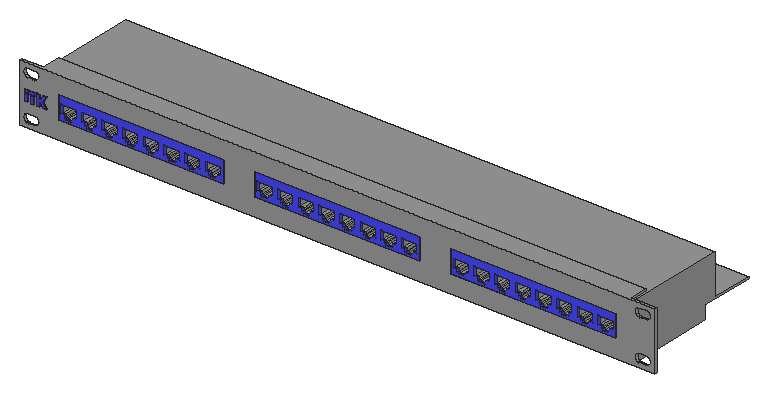
Revit family "ITK_Патч-панель 19-дюймовое крепление_1U_категория 5E STP_24 порта", category Обобщенные модели, Revit 2019
Family settings
  Может служить основой для арматурных стержней = Нет
  Размер круглого соединителя = Использовать диаметр
  Тип детали = Нормальный
  На основе рабочей плоскости = Нет
  Всегда вертикально = Да
  При загрузке вырезать с полостями = Нет
  Общий = Нет
  Точка расчета площади = Нет
Parameters (values of type "PP24-1UC5ES-D05")
  Ширина = 482.6 mm
  Материал = Окраска - RAL 9005
  Изготовитель = "ITK"  # constant formula
  Дата изменения = ""
  Глубина = 111 mm
  Высота = 44 mm
  URL = "https://www.iek.ru/"
  KSI_CPr_Строительные изделия = "27.12.31.61.1.04.09-1090"  # constant formula
  KSI_CMa_Строительные материалы = "10.03.02.06"  # constant formula
  IEK_Цена за единицу = 4743.05
  IEK_Поиск в таблице имен = ""
  IEK_Описание = "Патч-панели для монтажа в 19\" шкаф или стойку соответствуют стандарту 19\" (482,6 мм), имеют отверстия с левой и правой стороны для крепления на профиль, производятся высотой 1 или 2 юнита.\r\nНа передней стороне все патч-панели ITK имеют специальную площадку для дополнительной маркировки и цифровую нумерацию портов, на обратной стороне модули IDC имеют цветовую и цифровую нумерацию. Патч-панели соответствуют международным стандартам. Поставляются в картонной коробке с крепежом."
  IEK_URL = "https://www.itk-group.ru/produktsiya/catalog/oborudovanie_telekommunikatsionnoe/komponenty_sks_mednye/patch_paneli/patch_paneli_kat_5e/patch_paneli_kat_5e_ekranirovannye/itk_1u_patch_panel_kat_5e_stp_24_porta_dual_s_kabelnym_organayzerom"
  ADSK_Примечание = ""
  ADSK_Позиция [instance] = ""
  ADSK_Наименование = "ITK 1U патч-панель кат.5Е STP, 24 порта (Dual), с кабельным органайзером"
  ADSK_Материал обозначение = ""
  ADSK_Материал наименование = "Металл и АБС-пластик"  # constant formula
  ADSK_Масса = 2
  ADSK_Марка = ""  # constant formula
  ADSK_Код изделия = "PP24-1UC5ES-D05"
  ADSK_Завод-изготовитель = "IEK"  # constant formula
  ADSK_Единица измерения = "шт"  # constant formula
  ADSK_Группирование = "I. ЩИТЫ И ПУЛЬТЫ"  # constant formula
  ADSK_Версия семейства = "1.0"  # constant formula
  ADSK_Версия Revit = "2019"  # constant formula
  ADSK_URL страницы изделия = "https://www.itk-group.ru/produktsiya/catalog/oborudovanie_telekommunikatsionnoe/komponenty_sks_mednye/patch_paneli/patch_paneli_kat_5e/patch_paneli_kat_5e_ekranirovannye/"
Reference planes
  plane 1 "По центру (Вперед/Назад)": y = 0
  plane 2: z = 0
  plane 3 "По центру (Влево/Вправо)": x = 0
  plane 4: x = -241
  plane 5: x = 241.6
  plane 6: y = 111
  plane 7: z = 44
Forms (mm)
  Extrusion 1, solid, material "Окраска - RAL 9005" <- "Материал", detail levels fine
    sketch origin (0, 0, 0) x (1, 0, 0) y (0, 1, 0)
      loop
        line (222.6, 1.5) -> (222.6, 27.5) -> (-224.3, 27.5) -> (-224.3, 1.5) -> (-241, 1.5) -> (-241, 0) -> (241.6, 0) -> (241.6, 1.5) -> (222.6, 1.5)
    from 44.351 to 0
  Extrusion 2, void
    sketch origin (0, 0, 0) x (1, 0, 0) y (0, 0, 1)
      loop
        line (-212, 30.25) -> (-212, 13.75) -> (-86.6, 13.75) -> (-86.6, 30.25) -> (-212, 30.25)
      loop
        arc (-229.85, 34.15) -> (-227.481, 35.131) -> (-226.5, 37.5) r 3.35
        arc (-226.5, 37.5) -> (-227.481, 39.869) -> (-229.85, 40.85) r 3.35
        line (-229.85, 40.85) -> (-234.65, 40.85)
        arc (-234.65, 40.85) -> (-238, 37.5) -> (-234.65, 34.15) r 3.35
        line (-234.65, 34.15) -> (-229.85, 34.15)
      loop
        arc (-234.65, 9.85) -> (-238, 6.5) -> (-234.65, 3.15) r 3.35
        line (-234.65, 3.15) -> (-229.85, 3.15)
        arc (-229.85, 3.15) -> (-227.481, 4.131) -> (-226.5, 6.5) r 3.35
        arc (-226.5, 6.5) -> (-227.481, 8.869) -> (-229.85, 9.85) r 3.35
        line (-229.85, 9.85) -> (-234.65, 9.85)
      loop
        arc (235.25, 34.15) -> (237.619, 35.131) -> (238.6, 37.5) r 3.35
        arc (238.6, 37.5) -> (237.619, 39.869) -> (235.25, 40.85) r 3.35
        line (235.25, 40.85) -> (230.45, 40.85)
        arc (230.45, 40.85) -> (227.1, 37.5) -> (230.45, 34.15) r 3.35
        line (230.45, 34.15) -> (235.25, 34.15)
      loop
        arc (230.45, 9.85) -> (227.1, 6.5) -> (230.45, 3.15) r 3.35
        line (230.45, 3.15) -> (235.25, 3.15)
        arc (235.25, 3.15) -> (237.619, 4.131) -> (238.6, 6.5) r 3.35
        arc (238.6, 6.5) -> (237.619, 8.869) -> (235.25, 9.85) r 3.35
        line (235.25, 9.85) -> (230.45, 9.85)
      loop
        line (-62.7, 30.25) -> (-62.7, 13.75) -> (62.7, 13.75) -> (62.7, 30.25) -> (-62.7, 30.25)
      loop
        line (86.6, 30.25) -> (86.6, 13.75) -> (212, 13.75) -> (212, 30.25) -> (86.6, 30.25)
    from -3.684 to 0
  Extrusion 3, void
    sketch origin (0, 0, 0) x (1, 0, 0) y (0, 0, 1)
      loop
        line (-198.4, 18.25) -> (-198.4, 25.05) -> (-210.1, 25.05) -> (-210.1, 18.25) -> (-207.5, 18.25) -> (-207.5, 16.55) -> (-206.25, 16.55) -> (-206.25, 15.25) -> (-202.25, 15.25) -> (-202.25, 16.55) -> (-201, 16.55) -> (-201, 18.25) -> (-198.4, 18.25)
      loop
        line (-182.7, 25.05) -> (-194.4, 25.05) -> (-194.4, 18.25) -> (-191.8, 18.25) -> (-191.8, 16.55) -> (-190.55, 16.55) -> (-190.55, 15.25) -> (-186.55, 15.25) -> (-186.55, 16.55) -> (-185.3, 16.55) -> (-185.3, 18.25) -> (-182.7, 18.25) -> (-182.7, 25.05)
      loop
        line (-167, 25.05) -> (-178.7, 25.05) -> (-178.7, 18.25) -> (-176.1, 18.25) -> (-176.1, 16.55) -> (-174.85, 16.55) -> (-174.85, 15.25) -> (-170.85, 15.25) -> (-170.85, 16.55) -> (-169.6, 16.55) -> (-169.6, 18.25) -> (-167, 18.25) -> (-167, 25.05)
      loop
        line (-151.3, 25.05) -> (-163, 25.05) -> (-163, 18.25) -> (-160.4, 18.25) -> (-160.4, 16.55) -> (-159.15, 16.55) -> (-159.15, 15.25) -> (-155.15, 15.25) -> (-155.15, 16.55) -> (-153.9, 16.55) -> (-153.9, 18.25) -> (-151.3, 18.25) -> (-151.3, 25.05)
      loop
        line (-135.6, 25.05) -> (-147.3, 25.05) -> (-147.3, 18.25) -> (-144.7, 18.25) -> (-144.7, 16.55) -> (-143.45, 16.55) -> (-143.45, 15.25) -> (-139.45, 15.25) -> (-139.45, 16.55) -> (-138.2, 16.55) -> (-138.2, 18.25) -> (-135.6, 18.25) -> (-135.6, 25.05)
      loop
        line (-131.6, 25.05) -> (-131.6, 18.25) -> (-129, 18.25) -> (-129, 16.55) -> (-127.75, 16.55) -> (-127.75, 15.25) -> (-123.75, 15.25) -> (-123.75, 16.55) -> (-122.5, 16.55) -> (-122.5, 18.25) -> (-119.9, 18.25) -> (-119.9, 25.05) -> (-131.6, 25.05)
      loop
        line (-49.1, 25.05) -> (-60.8, 25.05) -> (-60.8, 18.25) -> (-58.2, 18.25) -> (-58.2, 16.55) -> (-56.95, 16.55) -> (-56.95, 15.25) -> (-52.95, 15.25) -> (-52.95, 16.55) -> (-51.7, 16.55) -> (-51.7, 18.25) -> (-49.1, 18.25) -> (-49.1, 25.05)
      loop
        line (-45.1, 25.05) -> (-45.1, 18.25) -> (-42.5, 18.25) -> (-42.5, 16.55) -> (-41.25, 16.55) -> (-41.25, 15.25) -> (-37.25, 15.25) -> (-37.25, 16.55) -> (-36, 16.55) -> (-36, 18.25) -> (-33.4, 18.25) -> (-33.4, 25.05) -> (-45.1, 25.05)
      loop
        line (-29.4, 25.05) -> (-29.4, 18.25) -> (-26.8, 18.25) -> (-26.8, 16.55) -> (-25.55, 16.55) -> (-25.55, 15.25) -> (-21.55, 15.25) -> (-21.55, 16.55) -> (-20.3, 16.55) -> (-20.3, 18.25) -> (-17.7, 18.25) -> (-17.7, 25.05) -> (-29.4, 25.05)
      loop
        line (-13.7, 25.05) -> (-13.7, 18.25) -> (-11.1, 18.25) -> (-11.1, 16.55) -> (-9.85, 16.55) -> (-9.85, 15.25) -> (-5.85, 15.25) -> (-5.85, 16.55) -> (-4.6, 16.55) -> (-4.6, 18.25) -> (-2, 18.25) -> (-2, 25.05) -> (-13.7, 25.05)
      loop
        line (17.7, 25.05) -> (17.7, 18.25) -> (20.3, 18.25) -> (20.3, 16.55) -> (21.55, 16.55) -> (21.55, 15.25) -> (25.55, 15.25) -> (25.55, 16.55) -> (26.8, 16.55) -> (26.8, 18.25) -> (29.4, 18.25) -> (29.4, 25.05) -> (17.7, 25.05)
      loop
        line (2, 25.05) -> (2, 18.25) -> (4.6, 18.25) -> (4.6, 16.55) -> (5.85, 16.55) -> (5.85, 15.25) -> (9.85, 15.25) -> (9.85, 16.55) -> (11.1, 16.55) -> (11.1, 18.25) -> (13.7, 18.25) -> (13.7, 25.05) -> (2, 25.05)
      loop
        line (119.9, 25.05) -> (119.9, 18.25) -> (122.5, 18.25) -> (122.5, 16.55) -> (123.75, 16.55) -> (123.75, 15.25) -> (127.75, 15.25) -> (127.75, 16.55) -> (129, 16.55) -> (129, 18.25) -> (131.6, 18.25) -> (131.6, 25.05) -> (119.9, 25.05)
      loop
        line (135.6, 25.05) -> (135.6, 18.25) -> (138.2, 18.25) -> (138.2, 16.55) -> (139.45, 16.55) -> (139.45, 15.25) -> (143.45, 15.25) -> (143.45, 16.55) -> (144.7, 16.55) -> (144.7, 18.25) -> (147.3, 18.25) -> (147.3, 25.05) -> (135.6, 25.05)
      loop
        line (151.3, 25.05) -> (151.3, 18.25) -> (153.9, 18.25) -> (153.9, 16.55) -> (155.15, 16.55) -> (155.15, 15.25) -> (159.15, 15.25) -> (159.15, 16.55) -> (160.4, 16.55) -> (160.4, 18.25) -> (163, 18.25) -> (163, 25.05) -> (151.3, 25.05)
      loop
        line (167, 25.05) -> (167, 18.25) -> (169.6, 18.25) -> (169.6, 16.55) -> (170.85, 16.55) -> (170.85, 15.25) -> (174.85, 15.25) -> (174.85, 16.55) -> (176.1, 16.55) -> (176.1, 18.25) -> (178.7, 18.25) -> (178.7, 25.05) -> (167, 25.05)
      loop
        line (182.7, 25.05) -> (182.7, 18.25) -> (185.3, 18.25) -> (185.3, 16.55) -> (186.55, 16.55) -> (186.55, 15.25) -> (190.55, 15.25) -> (190.55, 16.55) -> (191.8, 16.55) -> (191.8, 18.25) -> (194.4, 18.25) -> (194.4, 25.05) -> (182.7, 25.05)
      loop
        line (198.4, 25.05) -> (198.4, 18.25) -> (201, 18.25) -> (201, 16.55) -> (202.25, 16.55) -> (202.25, 15.25) -> (206.25, 15.25) -> (206.25, 16.55) -> (207.5, 16.55) -> (207.5, 18.25) -> (210.1, 18.25) -> (210.1, 25.05) -> (198.4, 25.05)
      loop
        line (49.1, 25.05) -> (49.1, 18.25) -> (51.7, 18.25) -> (51.7, 16.55) -> (52.95, 16.55) -> (52.95, 15.25) -> (56.95, 15.25) -> (56.95, 16.55) -> (58.2, 16.55) -> (58.2, 18.25) -> (60.8, 18.25) -> (60.8, 25.05) -> (49.1, 25.05)
      loop
        line (33.4, 25.05) -> (33.4, 18.25) -> (36, 18.25) -> (36, 16.55) -> (37.25, 16.55) -> (37.25, 15.25) -> (41.25, 15.25) -> (41.25, 16.55) -> (42.5, 16.55) -> (42.5, 18.25) -> (45.1, 18.25) -> (45.1, 25.05) -> (33.4, 25.05)
      loop
        line (-104.2, 25.05) -> (-115.9, 25.05) -> (-115.9, 18.25) -> (-113.3, 18.25) -> (-113.3, 16.55) -> (-112.05, 16.55) -> (-112.05, 15.25) -> (-108.05, 15.25) -> (-108.05, 16.55) -> (-106.8, 16.55) -> (-106.8, 18.25) -> (-104.2, 18.25) -> (-104.2, 25.05)
      loop
        line (-100.2, 25.05) -> (-100.2, 18.25) -> (-97.6, 18.25) -> (-97.6, 16.55) -> (-96.35, 16.55) -> (-96.35, 15.25) -> (-92.35, 15.25) -> (-92.35, 16.55) -> (-91.1, 16.55) -> (-91.1, 18.25) -> (-88.5, 18.25) -> (-88.5, 25.05) -> (-100.2, 25.05)
      loop
        line (88.5, 25.05) -> (88.5, 18.25) -> (91.1, 18.25) -> (91.1, 16.55) -> (92.35, 16.55) -> (92.35, 15.25) -> (96.35, 15.25) -> (96.35, 16.55) -> (97.6, 16.55) -> (97.6, 18.25) -> (100.2, 18.25) -> (100.2, 25.05) -> (88.5, 25.05)
      loop
        line (104.2, 25.05) -> (104.2, 18.25) -> (106.8, 18.25) -> (106.8, 16.55) -> (108.05, 16.55) -> (108.05, 15.25) -> (112.05, 15.25) -> (112.05, 16.55) -> (113.3, 16.55) -> (113.3, 18.25) -> (115.9, 18.25) -> (115.9, 25.05) -> (104.2, 25.05)
    from -20 to 0
  Extrusion 4, void
    sketch origin (0, 0, 0) x (0, 1, 0) y (0, 0, 1)
      loop
        line (15.5, 44.351) -> (15.5, 42.95) -> (1.5, 42.95) -> (1.5, 0) -> (27.5, 0) -> (27.5, 44.351) -> (15.5, 44.351)
    from 253.881 to -268.461
  Extrusion 5, solid, material "Окраска - RAL 9005" <- "Материал", detail levels fine
    sketch origin (0, 0, 0) x (0, 1, 0) y (0, 0, 1)
      loop
        line (1.5, 0) -> (69.5, 0) -> (69.5, 10) -> (110.5, 10) -> (110.5, 11.5) -> (79, 11.5) -> (79, 42.45) -> (1.5, 42.45) -> (1.5, 0)
    from 224.3 to -224.3
  Extrusion 6, solid, material "Пластик слоновая кость", detail levels fine
    sketch origin (0, 0, 0) x (1, 0, 0) y (0, 0, 1)
      loop
        line (-212, 13.75) -> (-86.6, 13.75) -> (-86.6, 30.25) -> (-212, 30.25) -> (-212, 13.75)
      loop
        line (-62.7, 13.75) -> (62.7, 13.75) -> (62.7, 30.25) -> (-62.7, 30.25) -> (-62.7, 13.75)
      loop
        line (86.6, 13.75) -> (212, 13.75) -> (212, 30.25) -> (86.6, 30.25) -> (86.6, 13.75)
    from -1.5 to 0
  Extrusion 7, solid, material "Условный материал-отделка", detail levels coarse+medium
    sketch origin (0, 0, 0) x (1, 0, 0) y (0, 1, 0)
      loop
        line (-241, 110.5) -> (-241, 0) -> (241.6, 0) -> (241.6, 110.5) -> (-241, 110.5)
    from 0 to 44 <- "Высота"
  Extrusion 8, solid, material "Пластик белый", detail levels fine
    sketch origin (-229.741, 0, 17.709) x (1, 0, 0) y (0, 0, 1)
      loop
        line (-7.624, 5.29) -> (-7.624, 0) -> (-5.312, 0) -> (-5.312, 5.29) -> (-7.624, 5.29)
      loop
        line (-0.808, 5.29) -> (-2.986, 5.29) -> (-2.986, 0) -> (-0.808, 0) -> (-0.808, 5.29)
      loop
        line (-7.624, 6.027) -> (-5.312, 6.027) -> (-5.312, 8.272) -> (-7.624, 8.272) -> (-7.624, 6.027)
      loop
        line (1.567, 8.272) -> (1.567, 0) -> (3.747, 0) -> (3.747, 3.101) -> (4.58, 3.101) -> (6.594, 0) -> (9.251, 0) -> (6.241, 4.142) -> (9.251, 8.272) -> (6.594, 8.272) -> (4.58, 5.17) -> (3.747, 5.17) -> (3.747, 8.272) -> (1.567, 8.272)
      loop
        line (-4.24, 6.027) -> (0.447, 6.027) -> (0.447, 8.272) -> (-4.24, 8.272) -> (-4.24, 6.027)
    from 0 to 0.554
Cuts and joins
  Extrusion 2, Extrusion 3, Extrusion 4 cuts Extrusion 1
  Extrusion 3 cuts Extrusion 5
  Extrusion 3 cuts Extrusion 6
Dimensions and locks
  "Ширина": plane 4 to plane 5
  "Глубина": plane 1 "По центру (Вперед/Назад)" to plane 6
  "Высота": plane 7 to level
  aligned and locked: level to plane 2
  aligned and locked: Extrusion 5 to cut or joined group of Extrusion 1, Extrusion 2, Extrusion 3, Extrusion 4
  aligned and locked: cut or joined group of Extrusion 1, Extrusion 2, Extrusion 3, Extrusion 4 to Extrusion 6
Automatic sketch dimensions
  plane 1 "По центру (Вперед/Назад)" to Extrusion 1 sketch curve = 0 mm
  Extrusion 1 sketch curve to plane 4 = 0 mm
  Extrusion 1 sketch curve to plane 5 = 0 mm
  Extrusion 1 sketch curve to plane 1 "По центру (Вперед/Назад)" = 1.5 mm  (x2)
  Extrusion 1 sketch curve to plane 4 = 16.7 mm
  Extrusion 1 sketch curve to Extrusion 1 sketch curve = 19 mm
  Extrusion 1 sketch curve to Extrusion 1 sketch curve = 26 mm
  Extrusion 4 sketch curve to level = 0 mm
  Extrusion 4 sketch curve to plane 1 "По центру (Вперед/Назад)" = 1.5 mm
  Extrusion 4 sketch curve to Extrusion 4 sketch curve = 14 mm
  Extrusion 4 sketch curve to Extrusion 4 sketch curve = 12 mm
  level to Extrusion 4 sketch curve = 42.95 mm
  Extrusion 4 sketch curve to Extrusion 4 sketch curve = 1.401 mm
  Extrusion 5 sketch curve to level = 0 mm
  Extrusion 5 sketch curve to plane 1 "По центру (Вперед/Назад)" = 1.5 mm
  Extrusion 5 sketch curve to Extrusion 5 sketch curve = 68 mm
  Extrusion 5 sketch curve to Extrusion 5 sketch curve = 9.5 mm
  level to Extrusion 5 sketch curve = 10 mm
  Extrusion 5 sketch curve to Extrusion 5 sketch curve = 31.5 mm
  Extrusion 5 sketch curve to Extrusion 5 sketch curve = 1.5 mm
  level to Extrusion 5 sketch curve = 42.45 mm
  plane 1 "По центру (Вперед/Назад)" to Extrusion 7 sketch curve = 0 mm
  Extrusion 7 sketch curve to plane 4 = 0 mm
  Extrusion 7 sketch curve to plane 5 = 0 mm
  Extrusion 7 sketch curve to plane 1 "По центру (Вперед/Назад)" = 110.5 mm
  Extrusion 3 sketch curve to plane 4 = 30.9 mm
  Extrusion 3 sketch curve to Extrusion 3 sketch curve = 2.6 mm  (x47)
  Extrusion 3 sketch curve to Extrusion 3 sketch curve = 1.25 mm  (x48)
  Extrusion 3 sketch curve to Extrusion 3 sketch curve = 4 mm  (x44)
  Extrusion 3 sketch curve to Extrusion 3 sketch curve = 27.7 mm  (x2)
  Extrusion 3 sketch curve to plane 3 "По центру (Влево/Вправо)" = 2 mm
  plane 3 "По центру (Влево/Вправо)" to Extrusion 3 sketch curve = 2 mm
  level to Extrusion 3 sketch curve = 15.25 mm  (x18)
  Extrusion 3 sketch curve to Extrusion 3 sketch curve = 0 mm  (x15)
  Extrusion 3 sketch curve to Extrusion 3 sketch curve = 1.3 mm  (x48)
  Extrusion 3 sketch curve to Extrusion 3 sketch curve = 1.7 mm  (x48)
  Extrusion 3 sketch curve to Extrusion 3 sketch curve = 6.8 mm  (x15)
  plane 7 to Extrusion 6 sketch curve = 13.75 mm  (x3)
  Extrusion 6 sketch curve to plane 4 = 29 mm
  level to Extrusion 6 sketch curve = 13.75 mm  (x3)
  Extrusion 6 sketch curve to plane 3 "По центру (Влево/Вправо)" = 86.6 mm
  Extrusion 6 sketch curve to Extrusion 6 sketch curve = 23.9 mm  (x2)
  plane 3 "По центру (Влево/Вправо)" to Extrusion 6 sketch curve = 62.7 mm
  Extrusion 6 sketch curve to plane 5 = 29.6 mm
  Extrusion 2 sketch curve to Extrusion 2 sketch curve = 0 mm  (x8)
  Extrusion 2 sketch curve to plane 4 = 6.35 mm  (x2)
  Extrusion 2 sketch curve to Extrusion 2 sketch curve = 4.8 mm  (x4)
  Extrusion 2 sketch curve to Extrusion 2 sketch curve = 17.85 mm
  level to Extrusion 2 sketch curve = 13.75 mm  (x3)
  Extrusion 2 sketch curve to plane 3 "По центру (Влево/Вправо)" = 86.6 mm
  Extrusion 2 sketch curve to Extrusion 2 sketch curve = 23.9 mm  (x2)
  plane 7 to Extrusion 2 sketch curve = 13.75 mm  (x3)
  plane 3 "По центру (Влево/Вправо)" to Extrusion 2 sketch curve = 62.7 mm
  Extrusion 2 sketch curve to plane 5 = 29.6 mm
  plane 7 to Extrusion 2 sketch curve = 3.15 mm
  Extrusion 2 sketch curve to plane 5 = 11.15 mm  (x2)
  level to Extrusion 2 sketch curve = 9.85 mm  (x2)
  Extrusion 2 sketch curve to Extrusion 2 sketch curve = 3.35 mm  (x3)
  Extrusion 2 sketch curve to Extrusion 2 sketch curve = 6.7 mm
  plane 7 to Extrusion 2 sketch curve = 9.85 mm
  Extrusion 8 sketch curve to plane 4 = 3.634 mm
  Extrusion 8 sketch curve to Extrusion 8 sketch curve = 0 mm  (x7)
  Extrusion 8 sketch curve to Extrusion 8 sketch curve = 2.313 mm
  Extrusion 8 sketch curve to Extrusion 8 sketch curve = 1.071 mm
  Extrusion 8 sketch curve to Extrusion 8 sketch curve = 1.255 mm  (x2)
  Extrusion 8 sketch curve to Extrusion 8 sketch curve = 2.178 mm
  Extrusion 8 sketch curve to Extrusion 8 sketch curve = 1.12 mm
  Extrusion 8 sketch curve to Extrusion 8 sketch curve = 2.18 mm  (x2)
  Extrusion 8 sketch curve to Extrusion 8 sketch curve = 0.834 mm  (x2)
  Extrusion 8 sketch curve to Extrusion 8 sketch curve = 1.661 mm
  Extrusion 8 sketch curve to Extrusion 8 sketch curve = 2.848 mm  (x2)
  Extrusion 8 sketch curve to Extrusion 8 sketch curve = 2.656 mm  (x2)
  level to Extrusion 8 sketch curve = 17.709 mm
  Extrusion 8 sketch curve to Extrusion 8 sketch curve = 3.101 mm  (x2)
  Extrusion 8 sketch curve to Extrusion 8 sketch curve = 1.041 mm
  Extrusion 8 sketch curve to Extrusion 8 sketch curve = 1.028 mm
  Extrusion 8 sketch curve to Extrusion 8 sketch curve = 0.12 mm
  Extrusion 8 sketch curve to Extrusion 8 sketch curve = 0.737 mm  (x2)
  Extrusion 8 sketch curve to Extrusion 8 sketch curve = 2.244 mm  (x2)
